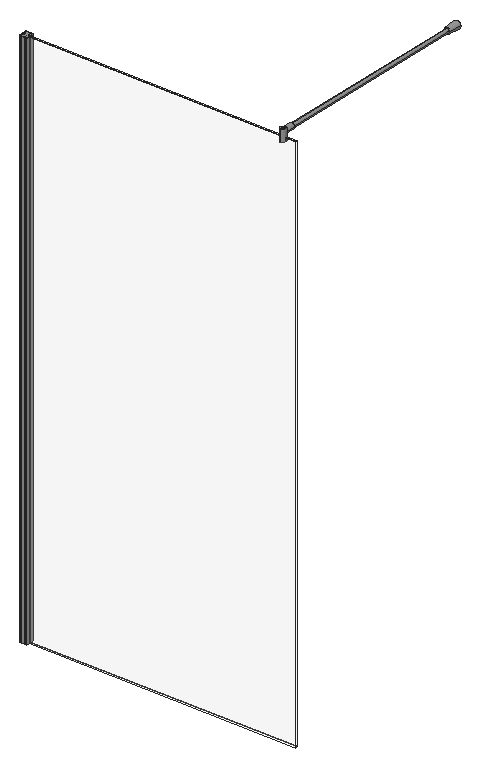
Revit family "Sanitary_Shower-screens_Duscholux_D3_Mode_Separator-Fixed-panel-shower", category Aparatos sanitarios, Revit 2019
Family settings
  Cota de conector redondo = Diámetro de uso
  Tipo de pieza = Normal
  Número OmniClass = 23.45.00.00
  Título OmniClass = Sanitary, Laundry, and Cleaning Equipment
  Se basa en plano de trabajo = No
  Siempre vertical = Sí
  Corte con vacíos al cargar = No
  Compartido = No
  Punto de cálculo de habitación = No
Parameters (values of type "Platinum Aluminium Finish")
  URL = "http://www.duscholux.es/"
  Technical Inspection Certificate (Applus) = "http://www.duscholux.es/resources/custom/var/APPLUS_en.pdf"
  Series = "D3"
  Ref. = "D3M"
  Products = "http://www.duscholux.es/mamparas_filtro.aspx?es"
  Optional = ""
  Opening System Image = "http://blob.duscholux.es/pluma512/SDIzq1f.gif"
  Opening System = "Fixed panel"
  Offset Support = 50 mm
  Min/Max Width = if(Width < 795 mm, 795 mm, if(Width > 1205 mm, 1205 mm, Width))  # 1000 mm
  Modelo = "D3 Mode"
  Maintenance and Cleaning = "http://www.duscholux.es/mamparas_limpieza.aspx?en"
  Lenght Support = 800 mm
  Image = "https://duscholux.es/resources/custom/img/mamparas/D3_MODE/modelos/1F0PSDF/mampara_h.jpg"
  Glass in Building UNE EN 12150 = "CE Conformity marking"
  Glass Material = Glass_Material-Duscholux
  Frame Material = Anodized Aluminium_Duscholux Material-Platinum Finish
  Fact Sheet = "https://duscholux.es/mampara1.aspx?228"
  Fabricante = "Duscholux Ibérica, S.A."
  Thickness Safety Glass = 8 mm  # constant formula
  Environmental Management ISO 14001 = "ECOEMBES Certificate"
  Descripción = "Fixed separator (Shower)"
  Configuration enclosure = "http://configuratumampara.duscholux.es/eCatalogo.aspx"
  Components = "Eropean components"
  Código de montaje = "C1030200"
  Type Comments = ""
  Certified Quality UNE EN 14428 = "http://www.duscholux.es/duscholux_downloads.aspx?es"
  Width = 1000 mm
  Height = 2000 mm  # constant formula
Types (3, lengths in mm): name | Frame Material
  (no name) | Anodized Aluminium_Duscholux Material-Platinum Finish
  Platinum Aluminium Finish | Anodized Aluminium_Duscholux Material-Platinum Finish
  Black Aluminium Finish | Anodized Aluminium_Duscholux Material-Black Finish
Reference planes
  plane 1 "Centro (Frontal/Posterior)": y = 0
  plane 2: z = 0
  plane 3 "Centro (Izquierda/Derecha)": x = 0
  plane 4: y = 4
  plane 5: y = -4
  plane 6: x = 1000
  plane 7: x = 950
  plane 8: z = 2000
Forms (mm)
  Extrusion 1, solid, material "Glass_Material-Duscholux" <- "Glass Material"
    sketch origin (500, 0, 0) x (1, 0, 0) y (0, 1, 0)
      loop
        line (-500, 4) -> (-500, -4) -> (500, -4) -> (500, 4) -> (-500, 4)
    from 0 to 2000
  Extrusion 2, solid, material "Anodized Aluminium_Duscholux Material-Platinum Finish" <- "Frame Material"
    sketch origin (0, 4.2, 0) x (1, 0, 0) y (0, 1, 0)
      loop
        line (-8.5, 11.5) -> (-8.5, -15.7) -> (18, -15.7) -> (18, 11.5) -> (-8.5, 11.5)
    from 2000 to 2002
  Extrusion 3, solid, material "Anodized Aluminium_Duscholux Material-Platinum Finish" <- "Frame Material"
    sketch origin (-169.99, 79.669, 0) x (1, 0, 0) y (0, 1, 0)
      loop
        line (161.49, -91.169) -> (187.99, -91.169) -> (187.99, -84.969) -> (183.74, -84.969) -> (183.74, -86.969) -> (186.49, -86.969) -> (186.49, -89.669) -> (178.84, -89.669) -> (178.84, -86.969) -> (180.751, -86.969) -> (180.751, -84.969) -> (177.34, -84.969) -> (177.34, -88.669) -> (162.99, -88.669) -> (162.99, -79.669) -> (162.99, -65.469) -> (177.34, -65.469) -> (177.34, -74.369) -> (180.751, -74.369) -> (180.751, -72.369) -> (178.84, -72.369) -> (178.84, -69.669) -> (186.49, -69.669) -> (186.49, -72.369) -> (183.74, -72.369) -> (183.74, -74.369) -> (187.99, -74.369) -> (187.99, -63.969) -> (161.49, -63.969) -> (161.49, -91.169)
      loop
        line (186.49, -68.193) -> (186.49, -65.464) -> (178.84, -65.464) -> (178.84, -68.193) -> (186.49, -68.193)
    from 0 to 2000
Dimensions and locks
  equal spacing: plane 4, plane 1 "Centro (Frontal/Posterior)", plane 5
  "Thickness Safety Glass": plane 4 to plane 5
  locked: Extrusion 2 to Extrusion 2 at 2
  "Offset Support": plane 7 to plane 6
  "Height": plane 8 to plane 2
  "Min/Max Width": plane 3 "Centro (Izquierda/Derecha)" to plane 6
  aligned and locked: level to plane 2
  aligned and locked: Extrusion 1 sketch curve to plane 4
  aligned and locked: plane 5 to Extrusion 1 sketch curve
  aligned and locked: nested 1 to Extrusion 1
  aligned and locked: plane 6 to Extrusion 1
  aligned and locked: plane 7 to nested 1
  aligned and locked: plane 8 to Extrusion 1
  aligned and locked: plane 8 to Extrusion 3
  aligned and locked: Extrusion 2 to Extrusion 3
Automatic sketch dimensions
  Extrusion 1 sketch curve to plane 3 "Centro (Izquierda/Derecha)" = 0 mm
  Extrusion 1 sketch curve to plane 6 = 0 mm
  Extrusion 2 sketch curve to plane 3 "Centro (Izquierda/Derecha)" = 8.5 mm
  plane 3 "Centro (Izquierda/Derecha)" to Extrusion 2 sketch curve = 18 mm
  Extrusion 2 sketch curve to plane 5 = 7.5 mm
  plane 4 to Extrusion 2 sketch curve = 11.7 mm
  plane 1 "Centro (Frontal/Posterior)" to Extrusion 3 sketch curve = 0 mm
  plane 3 "Centro (Izquierda/Derecha)" to Extrusion 3 sketch curve = 8.5 mm
  Extrusion 3 sketch curve to Extrusion 3 sketch curve = 1.5 mm  (x7)
  Extrusion 3 sketch curve to plane 3 "Centro (Izquierda/Derecha)" = 7.35 mm  (x2)
  Extrusion 3 sketch curve to Extrusion 3 sketch curve = 0 mm
  plane 5 to Extrusion 3 sketch curve = 1.3 mm  (x2)
  Extrusion 3 sketch curve to Extrusion 3 sketch curve = 1.911 mm  (x2)
  Extrusion 3 sketch curve to Extrusion 3 sketch curve = 2.989 mm  (x2)
  Extrusion 3 sketch curve to Extrusion 3 sketch curve = 2.75 mm  (x3)
  Extrusion 3 sketch curve to plane 4 = 1.3 mm  (x2)
  Extrusion 3 sketch curve to Extrusion 3 sketch curve = 2 mm  (x4)
  Extrusion 3 sketch curve to Extrusion 3 sketch curve = 2.7 mm
  Extrusion 3 sketch curve to Extrusion 3 sketch curve = 1.476 mm
  Extrusion 3 sketch curve to plane 4 = 10.2 mm
  Extrusion 3 sketch curve to Extrusion 3 sketch curve = 2.73 mm
  Extrusion 3 sketch curve to Extrusion 3 sketch curve = 1.7 mm
  Extrusion 3 sketch curve to Extrusion 3 sketch curve = 1 mm
Nested families
  nested 1: "Wall-Support" at (950, 0, 2000) x (0, 1, 0) z (0, 0, 1), type "Wall-Support"
    with Long. hasta pared 800 mm
Definition of nested family "Wall-Support"
  Parameters (values of type "Wall-Support")
    Long. hasta pared = 1000 mm
    Frme Material = none
    Frame material = none
    Frame Material = none
  Reference planes
    plane 1 "Centro (Frontal/Posterior)": y = 0
    plane 2: z = 0
    plane 3 "Centro (Izquierda/Derecha)": x = 0
  Forms (mm)
    Extrusion 1, solid, material <- "Frame Material"
      sketch origin (0, 0, 15) x (0, 1, 0) y (0, 0, 1)
        loop
          circle (0, 0) r 7.5
      from 40 to 955
    Extrusion 2, void
      sketch origin (0, 0, 15) x (0, 1, 0) y (0, 0, 1)
        loop
          circle (0, 0) r 6.75
      from 40 to 955
    Blend 3, solid, material <- "Frame Material"
      base sketch origin (0, 0, 15) x (0, 1, 0) y (0, 0, 1)
        loop
          circle (0, 0) r 14
      top sketch origin (0, 0, 15) x (0, 1, 0) y (0, 0, 1)
        loop
          circle (0, 0) r 10
      from 1000 to 955
    Blend 4, void
      base sketch origin (0, 0, 15) x (0, 1, 0) y (0, 0, 1)
        loop
          circle (0, 0) r 9.245
      top sketch origin (0, 0, 15) x (0, 1, 0) y (0, 0, 1)
        loop
          circle (0, 0) r 13.237
      from 956.289 to 1000
    Extrusion 5, solid, material <- "Frame Material"
      sketch origin (0, 0, 15) x (0, 1, 0) y (0, 0, 1)
        loop
          circle (0, 0) r 10
      from 0 to 40
    Extrusion 6, solid, material <- "Frame Material"
      sketch origin (0, 0, -485) x (1, 0, 0) y (0, 1, 0)
        loop
          circle (0, 0) r 10
      from 470 to 510
    Extrusion 7, void
      sketch origin (0, 0, 0) x (1, 0, 0) y (0, 0, 1)
        loop
          line (-4.5, 0) -> (-4.5, -15) -> (4.5, -15) -> (4.5, 0) -> (-4.5, 0)
      from -13.968 to 11.933
  Cuts and joins
    Extrusion 2, Blend 4 cuts Extrusion 1
    Extrusion 7 cuts Extrusion 6
  Lines and regions (mm)
    reference lines
      curve 1: line (1053.6, 0, 500) -> (1098.6, 0, 500)
      curve 2: line (4.5, 0, -15) -> (4.5, 0, 0)
      curve 3: line (-4.5, 0, -15) -> (-4.5, 0, 0)
  Dimensions and locks
    "Long. hasta pared": Blend 4 to plane 3 "Centro (Izquierda/Derecha)"
    locked: Blend 3 to Blend 3 at 45
    locked: Blend 3 to Blend 4 at 1.289
    locked: cut or joined group of Extrusion 6, Extrusion 7 to cut or joined group of Extrusion 6, Extrusion 7 at 5.5  (x2)
    locked: cut or joined group of Extrusion 6, Extrusion 7 to cut or joined group of Extrusion 6, Extrusion 7 at 15
    locked: cut or joined group of Extrusion 6, Extrusion 7 to cut or joined group of Extrusion 6, Extrusion 7 at 9
    locked: Extrusion 5 to Extrusion 5 at 40
    locked: cut or joined group of Extrusion 6, Extrusion 7 to cut or joined group of Extrusion 6, Extrusion 7 at 40
    aligned and locked: level to plane 2
    aligned and locked: cut or joined group of Extrusion 1, Extrusion 2, Blend 4 to cut or joined group of Extrusion 1, Extrusion 2, Blend 4  (x2)
    aligned and locked: Blend 3 to cut or joined group of Extrusion 1, Extrusion 2, Blend 4
    aligned and locked: Blend 3 to Blend 4
    aligned and locked: Extrusion 7 sketch curve to plane 2
    aligned and locked: Extrusion 7 sketch curve to curve 3
    aligned and locked: Extrusion 7 sketch curve to Extrusion 6
    aligned and locked: Extrusion 7 sketch curve to curve 2
  Automatic sketch dimensions
    Extrusion 1 sketch curve to plane 1 "Centro (Frontal/Posterior)" = 0 mm
    level to Extrusion 1 sketch curve = 15 mm
    curve 3 to plane 3 "Centro (Izquierda/Derecha)" = 4.5 mm
    plane 3 "Centro (Izquierda/Derecha)" to curve 2 = 4.5 mm
    curve 2 to level = 15 mm
    level to curve 1 = 500 mm
    curve 1 to curve 1 = 45 mm
    curve 3 to curve 2 = 0 mm
    curve 3 to curve 3 = 15 mm
    curve 2 to curve 3 = 0 mm
    Extrusion 2 sketch curve to plane 1 "Centro (Frontal/Posterior)" = 0 mm
    level to Extrusion 2 sketch curve = 15 mm
    Blend 3 sketch curve to plane 1 "Centro (Frontal/Posterior)" = 0 mm  (x2)
    level to Blend 3 sketch curve = 15 mm  (x2)
    Blend 4 sketch curve to plane 1 "Centro (Frontal/Posterior)" = 0 mm  (x2)
    level to Blend 4 sketch curve = 15 mm  (x2)
    Extrusion 5 sketch curve to plane 1 "Centro (Frontal/Posterior)" = 0 mm
    level to Extrusion 5 sketch curve = 15 mm
    plane 1 "Centro (Frontal/Posterior)" to Extrusion 6 sketch curve = 0 mm
    Extrusion 6 sketch curve to plane 3 "Centro (Izquierda/Derecha)" = 0 mm
    plane 3 "Centro (Izquierda/Derecha)" to curve 1 = 1053.6 mm
    radius of Extrusion 1 sketch curve = 7.5 mm
    radius of Extrusion 2 sketch curve = 6.75 mm
    radius of Blend 3 sketch curve = 14 mm
    radius of Blend 3 sketch curve = 10 mm
    radius of Blend 4 sketch curve = 9.245 mm
    radius of Blend 4 sketch curve = 13.237 mm
    radius of Extrusion 5 sketch curve = 10 mm
    radius of Extrusion 6 sketch curve = 10 mm
